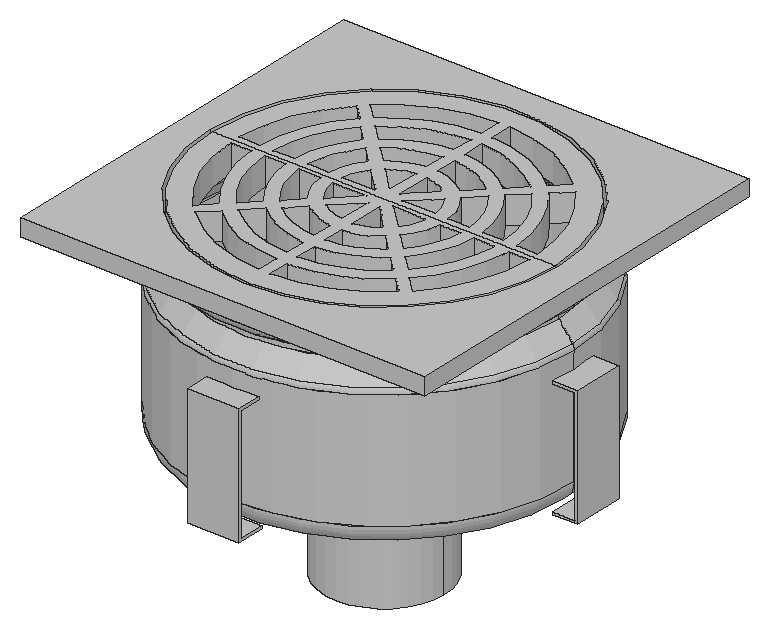
Revit family "Drain_Floor_12_Inch_Square-Zurn-Z1805-12S", category Plumbing Fixtures, Revit 2022
Family settings
  Round Connector Dimension = Use Radius
  Part Type = Normal
  OmniClass Number = 23.45.55.21
  OmniClass Title = Drains (Wastes)
  Work Plane-Based = No
  Always vertical = Yes
  Cut with Voids When Loaded = No
  Maintain Annotation Orientation = No
  Shared = No
  Room Calculation Point = No
Parameters (values of type "Load Family Type Catalog")
  Waste Connection = 1 = 1  # yes
  WFU = 0  # constant formula
  Vent Connection = 1 = 0  # no
  URL = "www.zurn.com"
  Type Comments = "Z1805-12S - 3 Inch No-Hub Outlet (Sch 10)"
  Product data url = "https://bimobject.com/zurnindustries/product/Z1805-12S"
  Product Page URL = "https://www.zurn.com/products/drainage-interceptors/stainless-drains/stainless-floor-drains/fabricated-stainless-floor-drains/z1805-12s"
  Product Documentation Link = "https://files.zurn.com/spec-sheets/z1805-12s.pdf"
  Pipe Size 'A' (Outer Radius) = [Pipe Size 'A' (Outer Diameter)] / 2  # 1.750"
  Pipe Size 'A' (Inner Radius) = [Pipe Size 'A' (Inner Diameter)] / 2  # 1.630"
  Pipe Size 'A' (Inner Diameter) = 3.260"
  Pipe Size 'A' (Nominal Radius) = [Pipe Size 'A' (Nominal Diameter)] / 2  # 1.500"
  Modified Date = "02/18/2026"  # constant formula
  Model = "Z1805-12S"
  Manufacurer Brand = "Zurn"  # constant formula
  Manufacturer = "Zurn Water, LLC"  # constant formula
  Main Material = Steel - Zurn - Stainless - Type - 304
  HWFU = 0  # constant formula
  HW Connection = 1 = 0  # no
  Body Height  ' E ' = 9.750"
  Description = "12” X 12” [305 X 305 ] SQUARE INDUSTRIAL HIGH CAPACITY SANITARY FLOOR DRAIN"  # constant formula
  Default Elevation = 20.000"
  Date Created = "02/18/2026"  # constant formula
  CWFU = 0  # constant formula
  CW Connection = 1 = 0  # no
  Assembly Code = "D2030300"
  Pipe Size 'A' (Outer Diameter) = 3.500"
  Pipe Size 'A' (Nominal Diameter) = 3.000"
Reference planes (in)
  plane 1 "Center (Front/Back)": y = 0
  plane 2: z = 0
  plane 3 "Center (Left/Right)": x = 0
  plane 4 "Outlet": z = -9.75
  plane 5: z = -7.143
  plane 6: x = 1.75
  plane 7: z = -2.5
  plane 8: z = -6
  plane 9: x = -6.25
  plane 10: x = 6.25
  plane 11: x = -5.297
  plane 12: y = 0.75
  plane 13: y = -0.75
  plane 14: z = -2.5
  plane 15: z = -6
  plane 16: y = 6.25
  plane 17: y = -6.25
  plane 18: x = -0.75
  plane 19: x = 0.75
  plane 20: x = -1.75
  plane 21: x = 5.906
  plane 22: x = -5.906
  plane 23: x = 5.375
  plane 24: x = -5.375
  plane 25: x = 0
  plane 26: x = -0.156
  plane 27: through (0, 0, 48) normal (0.7071, -0.7071, 0)
  plane 28: through (0.11031, -0.11031, 48) normal (0.7071, -0.7071, 0)
  plane 29: through (0, 0, 48) normal (0.7071, -0.7071, 0)
  plane 30: through (-0.11031, 0.11031, 48) normal (0.7071, -0.7071, 0)
  plane 31: y = 0
  plane 32: y = -0.156
  plane 33: y = 0
  plane 34: y = 0.156
  plane 35: through (0, 0, 48) normal (-0.7071, -0.7071, 0)
  plane 36: through (-0.11031, -0.11031, 48) normal (-0.7071, -0.7071, 0)
  plane 37: through (0, 0, 48) normal (-0.7071, -0.7071, 0)
  plane 38: through (0.11031, 0.11031, 48) normal (-0.7071, -0.7071, 0)
  plane 39: x = 0
  plane 40: x = -0.156
  plane 41: x = 0
  plane 42: x = 0.156
  plane 43: through (0, 0, 48) normal (-0.7071, 0.7071, 0)
  plane 44: through (-0.11031, 0.11031, 48) normal (-0.7071, 0.7071, 0)
  plane 45: through (0, 0, 48) normal (-0.7071, 0.7071, 0)
  plane 46: through (0.11031, -0.11031, 48) normal (-0.7071, 0.7071, 0)
  plane 47: y = 0
  plane 48: y = 0.156
  plane 49: y = 0
  plane 50: y = -0.156
  plane 51: through (0, 0, 48) normal (0.7071, 0.7071, 0)
  plane 52: through (0.11031, 0.11031, 48) normal (0.7071, 0.7071, 0)
  plane 53: through (0, 0, 48) normal (0.7071, 0.7071, 0)
  plane 54: through (-0.11031, -0.11031, 48) normal (0.7071, 0.7071, 0)
  plane 55: x = 0
  plane 56: x = 0.156
  plane 57: x = 1.75
  plane 58: y = 1.75
  plane 59: y = -1.75
  plane 60: x = -1.75
Forms (in)
  Revolve 1, solid, material "Steel - Zurn - Stainless - Type - 304" <- "Main Material", detail levels fine
    sketch origin (0, 0, 0) x (1, 0, 0) y (0, 0, 1)
      loop
        line (5.5465, 0) -> (5.0935, 0) -> (5.0935, -0.75) -> (5, -0.75) -> (5, 0) -> (0, 0) -> (0, -0.8) -> (4.9685, -0.8) -> (4.9685, -1.30559)
        arc (4.9685, -1.30559) -> (4.98142, -1.38492) -> (5.01884, -1.45604) r 0.25
        line (5.01884, -1.45604) -> (5.39633, -1.95699)
        arc (5.39633, -1.95699) -> (5.41504, -1.99255) -> (5.4215, -2.03221) r 0.125
        line (5.4215, -2.03221) -> (5.4215, -5.46972)
        arc (5.4215, -5.46972) -> (5.30827, -5.78083) -> (5.02155, -5.94637) r 0.484
        line (5.02155, -5.94637) -> (1.93478, -6.49065)
        arc (1.93478, -6.49065) -> (1.71629, -6.61679) -> (1.63, -6.85387) r 0.36883
        line (1.63, -6.85387) -> (1.63, -7.143) -> (1.75, -7.143) -> (1.75, -6.87055)
        arc (1.75, -6.87055) -> (1.81145, -6.70172) -> (1.96705, -6.61188) r 0.26266
        line (1.96705, -6.61188) -> (5.04325, -6.06947)
        arc (5.04325, -6.06947) -> (5.40402, -5.86118) -> (5.5465, -5.46972) r 0.609
        line (5.5465, -5.46972) -> (5.5465, -2.03221)
        arc (5.5465, -2.03221) -> (5.53358, -1.95289) -> (5.49616, -1.88176) r 0.25
        line (5.49616, -1.88176) -> (5.0935, -1.34741) -> (5.0935, -1.21116) -> (5.43528, -0.98307)
        arc (5.43528, -0.98307) -> (5.51695, -0.89304) -> (5.5465, -0.77513) r 0.25
        line (5.5465, -0.77513) -> (5.5465, 0)
      axis (0, 0) -> (0, -7.143)
    angle from 0 to 360
  Extrusion 2, solid, material "Steel - Zurn - Stainless - Type - 304" <- "Main Material", detail levels fine
    sketch origin (0, 0, 0) x (1, 0, 0) y (0, 1, 0)
      loop
        circle (0, 0) r 1.63
      loop
        circle (0, 0) r 1.75
    from -7.143 to -9.75
  Extrusion 3, solid, material "Steel - Zurn - Stainless - Type - 304" <- "Main Material", detail levels fine
    sketch origin (0, 0, 0) x (1, 0, 0) y (0, 0, 1)
      loop
        line (-5.53125, -2.5) -> (-6.25, -2.5) -> (-6.25, -6) -> (-5.297, -6) -> (-5.297, -5.925) -> (-6.175, -5.925) -> (-6.175, -2.575) -> (-5.53125, -2.575) -> (-5.53125, -2.5)
      loop
        line (5.53125, -2.5) -> (5.53125, -2.575) -> (6.175, -2.575) -> (6.175, -5.925) -> (5.53125, -5.925) -> (5.53125, -6) -> (6.25, -6) -> (6.25, -2.5) -> (5.53125, -2.5)
    from -0.75 to 0.75
  Extrusion 4, solid, material "Steel - Zurn - Stainless - Type - 304" <- "Main Material", detail levels fine
    sketch origin (14.622, 0, 0) x (0, -1, 0) y (0, 0, 1)
      loop
        line (-5.53125, -2.5) -> (-6.25, -2.5) -> (-6.25, -6) -> (-5.425, -6) -> (-5.425, -5.925) -> (-6.175, -5.925) -> (-6.175, -2.575) -> (-5.53125, -2.575) -> (-5.53125, -2.5)
      loop
        line (5.53125, -2.5) -> (5.53125, -2.575) -> (6.175, -2.575) -> (6.175, -5.925) -> (5.425, -5.925) -> (5.425, -6) -> (6.25, -6) -> (6.25, -2.5) -> (5.53125, -2.5)
    from 13.872 to 15.372
  Extrusion 5, void
    sketch origin (0, 0, 0) x (1, 0, 0) y (0, 1, 0)
      loop
        arc (-0.85569, -1.0763) -> (-0.52619, -1.27033) -> (-0.156, -1.36612) r 1.375
        line (-0.156, -1.36612) -> (-0.156, -0.37662) -> (-0.85569, -1.0763)
      loop
        line (-1.1222, -1.34282) -> (-1.56544, -1.78606)
        arc (-1.56544, -1.78606) -> (-0.90887, -2.19421) -> (-0.156, -2.36987) r 2.375
        line (-0.156, -2.36987) -> (-0.156, -1.74303)
        arc (-0.156, -1.74303) -> (-0.6697, -1.61679) -> (-1.1222, -1.34282) r 1.75
      loop
        line (-1.8311, -2.05172) -> (-2.27363, -2.49424)
        arc (-2.27363, -2.49424) -> (-1.29156, -3.11809) -> (-0.156, -3.37139) r 3.375
        line (-0.156, -3.37139) -> (-0.156, -2.74557)
        arc (-0.156, -2.74557) -> (-1.05238, -2.54067) -> (-1.8311, -2.05172) r 2.75
      loop
        line (-2.53905, -2.75966) -> (-2.98132, -3.20193)
        arc (-2.98132, -3.20193) -> (-1.67424, -4.04197) -> (-0.156, -4.37222) r 4.375
        line (-0.156, -4.37222) -> (-0.156, -3.74675)
        arc (-0.156, -3.74675) -> (-1.43506, -3.46455) -> (-2.53905, -2.75966) r 3.75
    from 0 to -0.8
  Extrusion 6, void
    sketch origin (0, 0, 0) x (0.707107, -0.707107, 0) y (0.707107, 0.707107, 0)
      loop
        arc (-0.85569, -1.0763) -> (-0.52619, -1.27033) -> (-0.156, -1.36612) r 1.375
        line (-0.156, -1.36612) -> (-0.156, -0.37662) -> (-0.85569, -1.0763)
      loop
        line (-1.1222, -1.34282) -> (-1.56544, -1.78606)
        arc (-1.56544, -1.78606) -> (-0.90887, -2.19421) -> (-0.156, -2.36987) r 2.375
        line (-0.156, -2.36987) -> (-0.156, -1.74303)
        arc (-0.156, -1.74303) -> (-0.6697, -1.61679) -> (-1.1222, -1.34282) r 1.75
      loop
        line (-1.8311, -2.05172) -> (-2.27363, -2.49424)
        arc (-2.27363, -2.49424) -> (-1.29156, -3.11809) -> (-0.156, -3.37139) r 3.375
        line (-0.156, -3.37139) -> (-0.156, -2.74557)
        arc (-0.156, -2.74557) -> (-1.05238, -2.54067) -> (-1.8311, -2.05172) r 2.75
      loop
        line (-2.53905, -2.75966) -> (-2.98132, -3.20193)
        arc (-2.98132, -3.20193) -> (-1.67424, -4.04197) -> (-0.156, -4.37222) r 4.375
        line (-0.156, -4.37222) -> (-0.156, -3.74675)
        arc (-0.156, -3.74675) -> (-1.43506, -3.46455) -> (-2.53905, -2.75966) r 3.75
    from 0 to -0.8
  Extrusion 7, void
    sketch origin (0, 0, 0) x (0, -1, 0) y (1, 0, 0)
      loop
        arc (-0.85569, -1.0763) -> (-0.52619, -1.27033) -> (-0.156, -1.36612) r 1.375
        line (-0.156, -1.36612) -> (-0.156, -0.37662) -> (-0.85569, -1.0763)
      loop
        line (-1.1222, -1.34282) -> (-1.56544, -1.78606)
        arc (-1.56544, -1.78606) -> (-0.90887, -2.19421) -> (-0.156, -2.36987) r 2.375
        line (-0.156, -2.36987) -> (-0.156, -1.74303)
        arc (-0.156, -1.74303) -> (-0.6697, -1.61679) -> (-1.1222, -1.34282) r 1.75
      loop
        line (-1.8311, -2.05172) -> (-2.27363, -2.49424)
        arc (-2.27363, -2.49424) -> (-1.29156, -3.11809) -> (-0.156, -3.37139) r 3.375
        line (-0.156, -3.37139) -> (-0.156, -2.74557)
        arc (-0.156, -2.74557) -> (-1.05238, -2.54067) -> (-1.8311, -2.05172) r 2.75
      loop
        line (-2.53905, -2.75966) -> (-2.98132, -3.20193)
        arc (-2.98132, -3.20193) -> (-1.67424, -4.04197) -> (-0.156, -4.37222) r 4.375
        line (-0.156, -4.37222) -> (-0.156, -3.74675)
        arc (-0.156, -3.74675) -> (-1.43506, -3.46455) -> (-2.53905, -2.75966) r 3.75
    from 0 to -0.8
  Extrusion 8, void
    sketch origin (0, 0, 0) x (-0.707107, -0.707107, 0) y (0.707107, -0.707107, 0)
      loop
        arc (-0.85569, -1.0763) -> (-0.52619, -1.27033) -> (-0.156, -1.36612) r 1.375
        line (-0.156, -1.36612) -> (-0.156, -0.37662) -> (-0.85569, -1.0763)
      loop
        line (-1.1222, -1.34282) -> (-1.56544, -1.78606)
        arc (-1.56544, -1.78606) -> (-0.90887, -2.19421) -> (-0.156, -2.36987) r 2.375
        line (-0.156, -2.36987) -> (-0.156, -1.74303)
        arc (-0.156, -1.74303) -> (-0.6697, -1.61679) -> (-1.1222, -1.34282) r 1.75
      loop
        line (-1.8311, -2.05172) -> (-2.27363, -2.49424)
        arc (-2.27363, -2.49424) -> (-1.29156, -3.11809) -> (-0.156, -3.37139) r 3.375
        line (-0.156, -3.37139) -> (-0.156, -2.74557)
        arc (-0.156, -2.74557) -> (-1.05238, -2.54067) -> (-1.8311, -2.05172) r 2.75
      loop
        line (-2.53905, -2.75966) -> (-2.98132, -3.20193)
        arc (-2.98132, -3.20193) -> (-1.67424, -4.04197) -> (-0.156, -4.37222) r 4.375
        line (-0.156, -4.37222) -> (-0.156, -3.74675)
        arc (-0.156, -3.74675) -> (-1.43506, -3.46455) -> (-2.53905, -2.75966) r 3.75
    from 0 to -0.8
  Extrusion 9, void
    sketch origin (0, 0, 0) x (-1, 0, 0) y (0, -1, 0)
      loop
        arc (-0.85569, -1.0763) -> (-0.52619, -1.27033) -> (-0.156, -1.36612) r 1.375
        line (-0.156, -1.36612) -> (-0.156, -0.37662) -> (-0.85569, -1.0763)
      loop
        line (-1.1222, -1.34282) -> (-1.56544, -1.78606)
        arc (-1.56544, -1.78606) -> (-0.90887, -2.19421) -> (-0.156, -2.36987) r 2.375
        line (-0.156, -2.36987) -> (-0.156, -1.74303)
        arc (-0.156, -1.74303) -> (-0.6697, -1.61679) -> (-1.1222, -1.34282) r 1.75
      loop
        line (-1.8311, -2.05172) -> (-2.27363, -2.49424)
        arc (-2.27363, -2.49424) -> (-1.29156, -3.11809) -> (-0.156, -3.37139) r 3.375
        line (-0.156, -3.37139) -> (-0.156, -2.74557)
        arc (-0.156, -2.74557) -> (-1.05238, -2.54067) -> (-1.8311, -2.05172) r 2.75
      loop
        line (-2.53905, -2.75966) -> (-2.98132, -3.20193)
        arc (-2.98132, -3.20193) -> (-1.67424, -4.04197) -> (-0.156, -4.37222) r 4.375
        line (-0.156, -4.37222) -> (-0.156, -3.74675)
        arc (-0.156, -3.74675) -> (-1.43506, -3.46455) -> (-2.53905, -2.75966) r 3.75
    from 0 to -0.8
  Extrusion 10, void
    sketch origin (0, 0, 0) x (-0.707107, 0.707107, 0) y (-0.707107, -0.707107, 0)
      loop
        arc (-0.85569, -1.0763) -> (-0.52619, -1.27033) -> (-0.156, -1.36612) r 1.375
        line (-0.156, -1.36612) -> (-0.156, -0.37662) -> (-0.85569, -1.0763)
      loop
        line (-1.1222, -1.34282) -> (-1.56544, -1.78606)
        arc (-1.56544, -1.78606) -> (-0.90887, -2.19421) -> (-0.156, -2.36987) r 2.375
        line (-0.156, -2.36987) -> (-0.156, -1.74303)
        arc (-0.156, -1.74303) -> (-0.6697, -1.61679) -> (-1.1222, -1.34282) r 1.75
      loop
        line (-1.8311, -2.05172) -> (-2.27363, -2.49424)
        arc (-2.27363, -2.49424) -> (-1.29156, -3.11809) -> (-0.156, -3.37139) r 3.375
        line (-0.156, -3.37139) -> (-0.156, -2.74557)
        arc (-0.156, -2.74557) -> (-1.05238, -2.54067) -> (-1.8311, -2.05172) r 2.75
      loop
        line (-2.53905, -2.75966) -> (-2.98132, -3.20193)
        arc (-2.98132, -3.20193) -> (-1.67424, -4.04197) -> (-0.156, -4.37222) r 4.375
        line (-0.156, -4.37222) -> (-0.156, -3.74675)
        arc (-0.156, -3.74675) -> (-1.43506, -3.46455) -> (-2.53905, -2.75966) r 3.75
    from 0 to -0.8
  Extrusion 11, void
    sketch origin (0, 0, 0) x (0, 1, 0) y (-1, 0, 0)
      loop
        arc (-0.85569, -1.0763) -> (-0.52619, -1.27033) -> (-0.156, -1.36612) r 1.375
        line (-0.156, -1.36612) -> (-0.156, -0.37662) -> (-0.85569, -1.0763)
      loop
        line (-1.1222, -1.34282) -> (-1.56544, -1.78606)
        arc (-1.56544, -1.78606) -> (-0.90887, -2.19421) -> (-0.156, -2.36987) r 2.375
        line (-0.156, -2.36987) -> (-0.156, -1.74303)
        arc (-0.156, -1.74303) -> (-0.6697, -1.61679) -> (-1.1222, -1.34282) r 1.75
      loop
        line (-1.8311, -2.05172) -> (-2.27363, -2.49424)
        arc (-2.27363, -2.49424) -> (-1.29156, -3.11809) -> (-0.156, -3.37139) r 3.375
        line (-0.156, -3.37139) -> (-0.156, -2.74557)
        arc (-0.156, -2.74557) -> (-1.05238, -2.54067) -> (-1.8311, -2.05172) r 2.75
      loop
        line (-2.53905, -2.75966) -> (-2.98132, -3.20193)
        arc (-2.98132, -3.20193) -> (-1.67424, -4.04197) -> (-0.156, -4.37222) r 4.375
        line (-0.156, -4.37222) -> (-0.156, -3.74675)
        arc (-0.156, -3.74675) -> (-1.43506, -3.46455) -> (-2.53905, -2.75966) r 3.75
    from 0 to -0.8
  Extrusion 12, void
    sketch origin (0, 0, 0) x (0.707107, 0.707107, 0) y (-0.707107, 0.707107, 0)
      loop
        arc (-0.85569, -1.0763) -> (-0.52619, -1.27033) -> (-0.156, -1.36612) r 1.375
        line (-0.156, -1.36612) -> (-0.156, -0.37662) -> (-0.85569, -1.0763)
      loop
        line (-1.1222, -1.34282) -> (-1.56544, -1.78606)
        arc (-1.56544, -1.78606) -> (-0.90887, -2.19421) -> (-0.156, -2.36987) r 2.375
        line (-0.156, -2.36987) -> (-0.156, -1.74303)
        arc (-0.156, -1.74303) -> (-0.6697, -1.61679) -> (-1.1222, -1.34282) r 1.75
      loop
        line (-1.8311, -2.05172) -> (-2.27363, -2.49424)
        arc (-2.27363, -2.49424) -> (-1.29156, -3.11809) -> (-0.156, -3.37139) r 3.375
        line (-0.156, -3.37139) -> (-0.156, -2.74557)
        arc (-0.156, -2.74557) -> (-1.05238, -2.54067) -> (-1.8311, -2.05172) r 2.75
      loop
        line (-2.53905, -2.75966) -> (-2.98132, -3.20193)
        arc (-2.98132, -3.20193) -> (-1.67424, -4.04197) -> (-0.156, -4.37222) r 4.375
        line (-0.156, -4.37222) -> (-0.156, -3.74675)
        arc (-0.156, -3.74675) -> (-1.43506, -3.46455) -> (-2.53905, -2.75966) r 3.75
    from 0 to -0.8
  Extrusion 13, solid, material "Steel - Zurn - Stainless - Type - 304" <- "Main Material", detail levels fine
    sketch origin (0, 0, 0) x (1, 0, 0) y (0, 1, 0)
      loop
        line (-5.90625, 5.90625) -> (-5.90625, -5.90625) -> (5.90625, -5.90625) -> (5.90625, 5.90625) -> (-5.90625, 5.90625)
      loop
        circle (0, 0) r 5.5
    from 0 to -0.48847
Cuts and joins
  Extrusion 5, Extrusion 6, Extrusion 7, Extrusion 8, Extrusion 9, Extrusion 10, Extrusion 11, Extrusion 12 cuts Revolve 1
  joined: Revolve 1, Extrusion 13
Lines and regions (in)
  Masking region 1, detail levels fine
    outline origin (0, 0, 0) x (1, 0, 0) y (0, 1, 0)
      loop
        line (-0.75, 5.90625) -> (-5.90625, 5.90625) -> (-5.90625, 0.75) -> (-6.25, 0.75) -> (-6.25, -0.75) -> (-5.90625, -0.75) -> (-5.90625, -5.90625) -> (-0.75, -5.90625) -> (-0.75, -6.25) -> (0.75, -6.25) -> (0.75, -5.90625) -> (5.906, -5.90625) -> (5.906, -0.75) -> (6.25, -0.75) -> (6.25, 0.75) -> (5.906, 0.75) -> (5.906, 5.90625) -> (0.75, 5.90625) -> (0.75, 6.25) -> (-0.75, 6.25) -> (-0.75, 5.90625)
  model lines, detail levels coarse+medium
    curve 1: arc (5, 0, 0) -> (0, 5, 0) -> (-5, 0, 0) r 5
    curve 2: arc (-5, 0, 0) -> (0, -5, 0) -> (5, 0, 0) r 5
    curve 3: arc (5.0935, 0, 0) -> (0, 5.0935, 0) -> (-5.0935, 0, 0) r 5.0935
    curve 4: arc (-5.0935, 0, 0) -> (0, -5.0935, 0) -> (5.0935, 0, 0) r 5.0935
    curve 5: line (-1.75, 0, -9.75) -> (1.75, 0, -9.75)
    curve 6: line (0, 1.75, -9.75) -> (0, -1.75, -9.75)
    curve 7: line (0, 0, 0) -> (0, 0, -9.75)
    curve 8: line (0, 5, 0) -> (0, -5, 0)
    curve 9: line (-1.075, 4.88307, 0) -> (-1.075, -4.88307, 0)
    curve 10: line (-2.15, 4.51414, 0) -> (-2.15, -4.51414, 0)
    curve 11: line (-3.225, 3.82091, 0) -> (-3.225, -3.82091, 0)
    curve 12: line (-4.3, 2.55147, 0) -> (-4.3, -2.55147, 0)
    curve 13: line (1.075, 4.88307, 0) -> (1.075, -4.88307, 0)
    curve 14: line (2.15, 4.51414, 0) -> (2.15, -4.51414, 0)
    curve 15: line (3.225, 3.82091, 0) -> (3.225, -3.82091, 0)
    curve 16: line (4.3, 2.55147, 0) -> (4.3, -2.55147, 0)
    curve 17: line (-5, 0, 0) -> (5, 0, 0)
    curve 18: line (-4.89898, 1, 0) -> (4.89898, 1, 0)
    curve 19: line (-4.58258, 2, 0) -> (4.58258, 2, 0)
    curve 20: line (-4, 3, 0) -> (4, 3, 0)
    curve 21: line (-3, 4, 0) -> (3, 4, 0)
    curve 22: line (-4.89898, -1, 0) -> (4.89898, -1, 0)
    curve 23: line (-4.58258, -2, 0) -> (4.58258, -2, 0)
    curve 24: line (-4, -3, 0) -> (4, -3, 0)
    curve 25: line (-3, -4, 0) -> (3, -4, 0)
    curve 26: line (5.90625, -5.90625, 0) -> (5.90625, 5.90625, 0)
    curve 27: line (5.90625, 5.90625, 0) -> (-5.90625, 5.90625, 0)
    curve 28: line (-5.90625, 5.90625, 0) -> (-5.90625, -5.90625, 0)
    curve 29: line (-5.90625, -5.90625, 0) -> (5.90625, -5.90625, 0)
Dimensions and locks (in)
  "Body Height  ' E '": level to plane 4 "Outlet"
  locked: level to plane 5 at 7.143
  locked: level to plane 7 at 2.5
  level to plane 8 = 6.000"
  locked: plane 7 to Extrusion 3 sketch curve at 0.075  (x2)
  locked: Extrusion 3 sketch curve to plane 9 at 0.075
  locked: Extrusion 3 sketch curve to plane 8 at 0.075  (x2)
  locked: Extrusion 3 sketch curve to Extrusion 3 sketch curve at 0.075
  equal spacing: plane 12, plane 1 "Center (Front/Back)", plane 13
  locked: plane 12 to plane 13 at 1.5
  locked: plane 14 to Extrusion 4 sketch curve at 0.075  (x2)
  locked: Extrusion 4 sketch curve to plane 16 at 0.075
  locked: Extrusion 4 sketch curve to plane 15 at 0.075  (x2)
  locked: Extrusion 4 sketch curve to Extrusion 4 sketch curve at 0.075
  equal spacing: plane 18, plane 3 "Center (Left/Right)", plane 19
  locked: plane 18 to plane 19 at 1.5
  equal spacing: plane 6, plane 3 "Center (Left/Right)", plane 20
  "Pipe Size 'A' (Outer Diameter)": plane 6 to plane 20
  locked: level to plane 14 at 2.5
  locked: level to plane 15 at 6
  plane 16 to plane 1 "Center (Front/Back)" to plane 17 = 6.250", 6.250"
  locked: plane 16 to Extrusion 4 sketch curve at 0.71875
  locked: Extrusion 4 sketch curve to plane 17 at 0.71875
  equal spacing: plane 10, plane 3 "Center (Left/Right)", plane 9
  locked: plane 10 to plane 9 at 12.5
  locked: plane 10 to Extrusion 3 sketch curve at 0.71875
  locked: Extrusion 3 sketch curve to plane 9 at 0.71875
  plane 21 to plane 3 "Center (Left/Right)" to plane 22 = 5.906", 5.906"
  equal spacing: plane 23, plane 3 "Center (Left/Right)", plane 24, locked at 5.375 each
  locked: plane 23 to plane 24 at 10.75
  locked: Revolve 1 sketch curve to plane 5 at 1.67328
  locked: level to Revolve 1 sketch curve at 0.75
  locked: level to Revolve 1 sketch curve at 0.8
  locked: Revolve 1 sketch curve to Revolve 1 sketch curve at 0.125  (x3)
  "Pipe Size 'A' (Inner Radius)": Revolve 1 sketch curve to plane 3 "Center (Left/Right)"
  locked: plane 28 to plane 27 at 0.156
  locked: plane 26 to plane 25 at 0.156
  locked: plane 32 to plane 31 at 0.156
  locked: plane 30 to plane 29 at 0.156
  locked: plane 36 to plane 35 at 0.156
  locked: plane 34 to plane 33 at 0.156
  locked: plane 40 to plane 39 at 0.156
  locked: plane 38 to plane 37 at 0.156
  locked: plane 44 to plane 43 at 0.156
  locked: plane 42 to plane 41 at 0.156
  locked: plane 48 to plane 47 at 0.156
  locked: plane 46 to plane 45 at 0.156
  locked: plane 52 to plane 51 at 0.156
  locked: plane 50 to plane 49 at 0.156
  locked: plane 56 to plane 55 at 0.156
  locked: plane 54 to plane 53 at 0.156
  equal spacing: plane 60, plane 3 "Center (Left/Right)", plane 57
  "Pipe Size 'A' (Outer Diameter)": plane 60 to plane 57
  equal spacing: plane 59, plane 1 "Center (Front/Back)", plane 58
  "Pipe Size 'A' (Outer Diameter)": plane 58 to plane 59
  equal spacing: curve 12, curve 11, curve 10, curve 9, plane 3 "Center (Left/Right)", curve 13, curve 14, curve 15, curve 16
  curve 12 to curve 16 = 8.600"
  equal spacing: curve 25, curve 24, curve 23, curve 22, plane 1 "Center (Front/Back)", curve 18, curve 19, curve 20, curve 21, locked at 1 each
  locked: curve 25 to curve 21 at 8
  equal spacing: Extrusion 13 sketch curve, plane 3 "Center (Left/Right)", Extrusion 13 sketch curve
  equal spacing: Extrusion 13 sketch curve, plane 1 "Center (Front/Back)", Extrusion 13 sketch curve
  locked: Extrusion 13 sketch curve to Extrusion 13 sketch curve at 11.8125  (x2)
  locked: Revolve 1 sketch curve to plane 3 "Center (Left/Right)" at 5.5465
  locked: Revolve 1 sketch curve to plane 3 "Center (Left/Right)" at 5
  level to Revolve 1 sketch curve = 1.21116"
  locked: Revolve 1 sketch curve to Revolve 1 sketch curve at 5.0935
  "Pipe Size 'A' (Outer Diameter)": diameter of Extrusion 2 sketch curve
  "Pipe Size 'A' (Inner Diameter)": diameter of Extrusion 2 sketch curve
  radius of Revolve 1 sketch curve = 0.609"
  locked: Revolve 1 sketch curve to Revolve 1 sketch curve (angle 143.00°)
  locked: Revolve 1 sketch curve to Revolve 1 sketch curve (angle 100.00°)
  locked: plane 27 to plane 25 (angle 45.00°)
  locked: plane 31 to plane 29 (angle 45.00°)
  locked: plane 35 to plane 33 (angle 45.00°)
  locked: plane 39 to plane 37 (angle 45.00°)
  locked: plane 43 to plane 41 (angle 45.00°)
  locked: plane 47 to plane 45 (angle 45.00°)
  locked: plane 51 to plane 49 (angle 45.00°)
  locked: plane 55 to plane 53 (angle 45.00°)
  aligned and locked: plane 2 to level
  aligned and locked: plane 3 "Center (Left/Right)" to Revolve 1 sketch curve
  aligned and locked: plane 5 to Revolve 1 sketch curve
  aligned and locked: Revolve 1 sketch curve to plane 6
  aligned and locked: Revolve 1 sketch curve to plane 3 "Center (Left/Right)"
  aligned and locked: Extrusion 2 to plane 4 "Outlet"
  aligned and locked: Extrusion 2 to Revolve 1
  aligned and locked: plane 7 to Extrusion 3 sketch curve
  aligned and locked: Extrusion 3 sketch curve to plane 9
  aligned and locked: Extrusion 3 sketch curve to plane 8
  aligned and locked: plane 11 to Extrusion 3 sketch curve
  aligned and locked: Extrusion 3 sketch curve to plane 11
  aligned and locked: plane 8 to Extrusion 3 sketch curve
  aligned and locked: plane 12 to Extrusion 3
  aligned and locked: Extrusion 3 to plane 13
  aligned and locked: Extrusion 4 sketch curve to plane 16
  aligned and locked: Extrusion 4 sketch curve to plane 15
  aligned and locked: plane 15 to Extrusion 4 sketch curve
  aligned and locked: Extrusion 4 to plane 18
  aligned and locked: plane 19 to Extrusion 4
  aligned and locked: Extrusion 3 sketch curve to plane 7
  aligned and locked: Extrusion 4 sketch curve to plane 14
  aligned and locked: plane 3 "Center (Left/Right)" to Extrusion 2 sketch curve  (x2)
  aligned and locked: plane 1 "Center (Front/Back)" to Extrusion 2 sketch curve  (x2)
  aligned and locked: level to Revolve 1 sketch curve
  aligned and locked: Revolve 1 sketch curve to level
  aligned and locked: plane 3 "Center (Left/Right)" to plane 25
  aligned and locked: plane 25 to Extrusion 5 sketch curve
  aligned and locked: Extrusion 5 sketch curve to Extrusion 5 sketch curve
  aligned and locked: plane 28 to Extrusion 5 sketch curve  (x7)
  aligned and locked: Extrusion 5 sketch curve to plane 26  (x2)
  aligned and locked: plane 26 to Extrusion 5 sketch curve  (x6)
  aligned and locked: Extrusion 5 to level
  aligned and locked: Extrusion 5 to Revolve 1
  aligned and locked: plane 29 to Extrusion 6 sketch curve
  aligned and locked: Extrusion 6 sketch curve to Extrusion 6 sketch curve
  aligned and locked: plane 32 to Extrusion 6 sketch curve  (x7)
  aligned and locked: Extrusion 6 sketch curve to plane 30  (x2)
  aligned and locked: plane 30 to Extrusion 6 sketch curve  (x6)
  aligned and locked: plane 33 to Extrusion 7 sketch curve
  aligned and locked: Extrusion 7 sketch curve to Extrusion 7 sketch curve
  aligned and locked: plane 36 to Extrusion 7 sketch curve  (x7)
  aligned and locked: Extrusion 7 sketch curve to plane 34  (x2)
  aligned and locked: plane 34 to Extrusion 7 sketch curve  (x6)
  aligned and locked: plane 37 to Extrusion 8 sketch curve
  aligned and locked: Extrusion 8 sketch curve to Extrusion 8 sketch curve
  aligned and locked: plane 40 to Extrusion 8 sketch curve  (x7)
  aligned and locked: Extrusion 8 sketch curve to plane 38  (x2)
  aligned and locked: plane 38 to Extrusion 8 sketch curve  (x6)
  aligned and locked: plane 41 to Extrusion 9 sketch curve
  aligned and locked: Extrusion 9 sketch curve to Extrusion 9 sketch curve
  aligned and locked: plane 44 to Extrusion 9 sketch curve  (x7)
  aligned and locked: Extrusion 9 sketch curve to plane 42  (x2)
  aligned and locked: plane 42 to Extrusion 9 sketch curve  (x6)
  aligned and locked: plane 45 to Extrusion 10 sketch curve
  aligned and locked: Extrusion 10 sketch curve to Extrusion 10 sketch curve
  aligned and locked: plane 48 to Extrusion 10 sketch curve  (x7)
  aligned and locked: Extrusion 10 sketch curve to plane 46  (x2)
  aligned and locked: plane 46 to Extrusion 10 sketch curve  (x6)
  aligned and locked: plane 49 to Extrusion 11 sketch curve
  aligned and locked: Extrusion 11 sketch curve to Extrusion 11 sketch curve
  aligned and locked: plane 52 to Extrusion 11 sketch curve  (x7)
  aligned and locked: Extrusion 11 sketch curve to plane 50  (x2)
  aligned and locked: plane 50 to Extrusion 11 sketch curve  (x6)
  aligned and locked: plane 53 to Extrusion 12 sketch curve
  aligned and locked: Extrusion 12 sketch curve to Extrusion 12 sketch curve
  aligned and locked: plane 56 to Extrusion 12 sketch curve  (x7)
  aligned and locked: Extrusion 12 sketch curve to plane 54  (x2)
  aligned and locked: plane 54 to Extrusion 12 sketch curve  (x6)
  aligned and locked: curve 1 to cut or joined group 1 (Revolve 1, Extrusion 5, Extrusion 6, Extrusion 7, Extrusion 8, Extrusion 9, Extrusion 10, Extrusion 11, Extrusion 12, Extrusion 13)
  aligned and locked: curve 2 to cut or joined group 1
  aligned and locked: curve 3 to cut or joined group 1
  aligned and locked: curve 4 to cut or joined group 1
  aligned and locked: plane 60 to curve 5
  aligned and locked: plane 57 to curve 5
  aligned and locked: plane 1 "Center (Front/Back)" to curve 5
  aligned and locked: plane 58 to curve 6
  aligned and locked: plane 59 to curve 6
  aligned and locked: curve 6 to plane 3 "Center (Left/Right)"
  aligned and locked: level to curve 7
  aligned and locked: plane 4 "Outlet" to curve 7
  aligned and locked: curve 7 to plane 3 "Center (Left/Right)"
  aligned and locked: curve 8 to plane 3 "Center (Left/Right)"
  aligned and locked: plane 1 "Center (Front/Back)" to curve 17
  aligned and locked: plane 1 "Center (Front/Back)" to Extrusion 13 sketch curve
  aligned and locked: Revolve 1 sketch curve to Revolve 1 sketch curve
  aligned and locked: curve 26 to cut or joined group 1
  aligned and locked: curve 27 to cut or joined group 1
  aligned and locked: curve 28 to cut or joined group 1
  aligned and locked: curve 29 to cut or joined group 1
  aligned and locked: cut or joined group 1 to Masking region 1 sketch curve  (x2)
  aligned and locked: Masking region 1 sketch curve to cut or joined group 1  (x3)
  aligned and locked: Masking region 1 sketch curve to Extrusion 3  (x2)
  aligned and locked: Masking region 1 sketch curve to Extrusion 4  (x2)
  aligned and locked: Masking region 1 sketch curve to plane 19
  aligned and locked: Masking region 1 sketch curve to plane 18
  aligned and locked: Masking region 1 sketch curve to plane 12
  aligned and locked: Masking region 1 sketch curve to plane 13
  aligned and locked: Masking region 1 sketch curve to plane 21  (x2)
  aligned and locked: plane 12 to Masking region 1 sketch curve
  aligned and locked: plane 13 to Masking region 1 sketch curve
  aligned and locked: plane 19 to Masking region 1 sketch curve
  aligned and locked: plane 18 to Masking region 1 sketch curve
  aligned and locked: Extrusion 3 sketch curve to Extrusion 3 sketch curve
  aligned and locked: Extrusion 3 sketch curve to plane 10
Automatic sketch dimensions
  Extrusion 4 sketch curve to plane 17 = 0.000"
  Extrusion 4 sketch curve to Extrusion 4 sketch curve = 0.750"  (x2)
  Extrusion 4 sketch curve to plane 14 = 0.000"
  Extrusion 5 sketch curve to Extrusion 5 sketch curve = 0.000"  (x33)
  plane 27 to Extrusion 5 sketch curve = 0.000"
  Extrusion 5 sketch curve to plane 26 = 0.69969"
  Extrusion 5 sketch curve to Extrusion 5 sketch curve = 0.26652"
  Extrusion 5 sketch curve to Extrusion 5 sketch curve = 0.44324"
  Extrusion 5 sketch curve to Extrusion 5 sketch curve = 0.26566"
  Extrusion 5 sketch curve to Extrusion 5 sketch curve = 0.44252"
  Extrusion 5 sketch curve to Extrusion 5 sketch curve = 0.26542"
  Extrusion 5 sketch curve to Extrusion 5 sketch curve = 0.44227"
  Extrusion 6 sketch curve to Extrusion 6 sketch curve = 0.000"  (x33)
  plane 31 to Extrusion 6 sketch curve = 0.000"
  Extrusion 6 sketch curve to plane 30 = 0.69969"
  Extrusion 6 sketch curve to Extrusion 6 sketch curve = 0.26652"
  Extrusion 6 sketch curve to Extrusion 6 sketch curve = 0.44324"
  Extrusion 6 sketch curve to Extrusion 6 sketch curve = 0.26566"
  Extrusion 6 sketch curve to Extrusion 6 sketch curve = 0.44252"
  Extrusion 6 sketch curve to Extrusion 6 sketch curve = 0.26542"
  Extrusion 6 sketch curve to Extrusion 6 sketch curve = 0.44227"
  Extrusion 7 sketch curve to Extrusion 7 sketch curve = 0.000"  (x33)
  plane 35 to Extrusion 7 sketch curve = 0.000"
  Extrusion 7 sketch curve to plane 34 = 0.69969"
  Extrusion 7 sketch curve to Extrusion 7 sketch curve = 0.26652"
  Extrusion 7 sketch curve to Extrusion 7 sketch curve = 0.44324"
  Extrusion 7 sketch curve to Extrusion 7 sketch curve = 0.26566"
  Extrusion 7 sketch curve to Extrusion 7 sketch curve = 0.44252"
  Extrusion 7 sketch curve to Extrusion 7 sketch curve = 0.26542"
  Extrusion 7 sketch curve to Extrusion 7 sketch curve = 0.44227"
  Extrusion 8 sketch curve to Extrusion 8 sketch curve = 0.000"  (x33)
  plane 39 to Extrusion 8 sketch curve = 0.000"
  Extrusion 8 sketch curve to plane 38 = 0.69969"
  Extrusion 8 sketch curve to Extrusion 8 sketch curve = 0.26652"
  Extrusion 8 sketch curve to Extrusion 8 sketch curve = 0.44324"
  Extrusion 8 sketch curve to Extrusion 8 sketch curve = 0.26566"
  Extrusion 8 sketch curve to Extrusion 8 sketch curve = 0.44252"
  Extrusion 8 sketch curve to Extrusion 8 sketch curve = 0.26542"
  Extrusion 8 sketch curve to Extrusion 8 sketch curve = 0.44227"
  Extrusion 9 sketch curve to Extrusion 9 sketch curve = 0.000"  (x33)
  plane 43 to Extrusion 9 sketch curve = 0.000"
  Extrusion 9 sketch curve to plane 42 = 0.69969"
  Extrusion 9 sketch curve to Extrusion 9 sketch curve = 0.26652"
  Extrusion 9 sketch curve to Extrusion 9 sketch curve = 0.44324"
  Extrusion 9 sketch curve to Extrusion 9 sketch curve = 0.26566"
  Extrusion 9 sketch curve to Extrusion 9 sketch curve = 0.44252"
  Extrusion 9 sketch curve to Extrusion 9 sketch curve = 0.26542"
  Extrusion 9 sketch curve to Extrusion 9 sketch curve = 0.44227"
  Extrusion 10 sketch curve to Extrusion 10 sketch curve = 0.000"  (x33)
  plane 47 to Extrusion 10 sketch curve = 0.000"
  Extrusion 10 sketch curve to plane 46 = 0.69969"
  Extrusion 10 sketch curve to Extrusion 10 sketch curve = 0.26652"
  Extrusion 10 sketch curve to Extrusion 10 sketch curve = 0.44324"
  Extrusion 10 sketch curve to Extrusion 10 sketch curve = 0.26566"
  Extrusion 10 sketch curve to Extrusion 10 sketch curve = 0.44252"
  Extrusion 10 sketch curve to Extrusion 10 sketch curve = 0.26542"
  Extrusion 10 sketch curve to Extrusion 10 sketch curve = 0.44227"
  Extrusion 11 sketch curve to Extrusion 11 sketch curve = 0.000"  (x33)
  plane 51 to Extrusion 11 sketch curve = 0.000"
  Extrusion 11 sketch curve to plane 50 = 0.69969"
  Extrusion 11 sketch curve to Extrusion 11 sketch curve = 0.26652"
  Extrusion 11 sketch curve to Extrusion 11 sketch curve = 0.44324"
  Extrusion 11 sketch curve to Extrusion 11 sketch curve = 0.26566"
  Extrusion 11 sketch curve to Extrusion 11 sketch curve = 0.44252"
  Extrusion 11 sketch curve to Extrusion 11 sketch curve = 0.26542"
  Extrusion 11 sketch curve to Extrusion 11 sketch curve = 0.44227"
  Extrusion 12 sketch curve to Extrusion 12 sketch curve = 0.000"  (x33)
  plane 55 to Extrusion 12 sketch curve = 0.000"
  Extrusion 12 sketch curve to plane 54 = 0.69969"
  Extrusion 12 sketch curve to Extrusion 12 sketch curve = 0.26652"
  Extrusion 12 sketch curve to Extrusion 12 sketch curve = 0.44324"
  Extrusion 12 sketch curve to Extrusion 12 sketch curve = 0.26566"
  Extrusion 12 sketch curve to Extrusion 12 sketch curve = 0.44252"
  Extrusion 12 sketch curve to Extrusion 12 sketch curve = 0.26542"
  Extrusion 12 sketch curve to Extrusion 12 sketch curve = 0.44227"
  plane 1 "Center (Front/Back)" to curve 3 = 0.000"  (x2)
  Extrusion 13 sketch curve to plane 3 "Center (Left/Right)" = 0.000"
  Revolve 1 sketch curve to Revolve 1 sketch curve = 0.000"  (x3)
  plane 6 to Revolve 1 sketch curve = 0.18478"
  Revolve 1 sketch curve to Revolve 1 sketch curve = 0.03227"
  Revolve 1 sketch curve to Revolve 1 sketch curve = 0.02171"
  Revolve 1 sketch curve to plane 23 = 0.0785"  (x2)
  plane 23 to Revolve 1 sketch curve = 0.02133"
  plane 23 to Revolve 1 sketch curve = 0.06028"
  Revolve 1 sketch curve to Revolve 1 sketch curve = 0.82105"
  Revolve 1 sketch curve to Revolve 1 sketch curve = 0.04182"
  plane 4 "Outlet" to Revolve 1 sketch curve = 0.500"
  Revolve 1 sketch curve to Revolve 1 sketch curve = 1.250"
  plane 21 to curve 27 = 0.00025"
  curve 15 to curve 27 = 2.08534"
  curve 27 to plane 22 = 0.00025"
  curve 28 to curve 11 = 2.08534"
  Masking region 1 sketch curve to plane 22 = 0.00025"
  radius of Extrusion 13 sketch curve = 5.500"
Connectors (in)
  piping at (0, 0, -9.75), diameter 3, driven by "Pipe Size 'A' (Nominal Radius)", driven by "Waste Connection"
    settings: on Extrusion 2, index 1, connector inside diameter 24", connector length 0.000", flow factor 0, pipe flow 0 GPM, pressure drop 0.00 psi, fitting loss kfactor 0, connector angle 0.00°, fixture units 0, engagement length 0.000", angle of deflection 0.00°, flow configuration 0, flow direction 2, fitting loss method 0, system type 16, joint type 0, gender type 0, connector reference index -1, connector utility 1, adjustable connector no, is connector primary yes, connector description "Waste Water Outlet"
Types in the file's own list only (18): name | Type Comments | Pipe Size 'A' (Outer Radius) | Pipe Size 'A' (Inner Radius) | Pipe Size 'A' (Inner Diameter) | Pipe Size 'A' (Nominal Radius) | Model | Main Material | Body Height  ' E ' | Default Elevation | Pipe Size 'A' (Outer Diameter) | Pipe Size 'A' (Nominal Diameter)
  Z1805-12S-3NH | "Z1805-12S - 3 Inch No-Hub Outlet (Sch 10)" | 1.750 " | 1.630 " | 3.260 " | 1.500 " | "Z1805-12S" | Steel - Zurn - Stainless - Type - 304 | 9.750 " | 20.000 " | 3.500 " | 3.000 "
  Z1805-12S-4NH | "Z1805-12S - 4 Inch No-Hub Outlet (Sch 10)" | 2.250 " | 2.130 " | 4.260 " | 2.000 " | "Z1805-12S" | Steel - Zurn - Stainless - Type - 304 | 9.656 " | 20.000 " | 4.500 " | 4.000 "
  Z1805-12S-6NH | "Z1805-12S - 6 Inch No-Hub Outlet (Sch 10)" | 3.313 " | 3.179 " | 6.357 " | 3.000 " | "Z1805-12S" | Steel - Zurn - Stainless - Type - 304 | 9.438 " | 20.000 " | 6.625 " | 6.000 "
  Z1805-12S-3BW | "Z1805-12S - 3 Inch Butt-Weld Outlet (Sch 10)" | 1.750 " | 1.630 " | 3.260 " | 1.500 " | "Z1805-12S" | Steel - Zurn - Stainless - Type - 304 | 9.750 " | 20.000 " | 3.500 " | 3.000 "
  Z1805-12S-4BW | "Z1805-12S - 4 Inch Butt-Weld Outlet (Sch 10)" | 2.250 " | 2.130 " | 4.260 " | 2.000 " | "Z1805-12S" | Steel - Zurn - Stainless - Type - 304 | 9.656 " | 20.000 " | 4.500 " | 4.000 "
  Z1805-12S-6BW | "Z1805-12S - 6 Inch Butt-Weld Outlet (Sch 10)" | 3.313 " | 3.179 " | 6.357 " | 3.000 " | "Z1805-12S" | Steel - Zurn - Stainless - Type - 304 | 9.438 " | 20.000 " | 6.625 " | 6.000 "
  Z1805-12S-3IP | "Z1805-12S - 3 Inch IP Threaded Outlet" | 1.750 " | 1.630 " | 3.260 " | 1.500 " | "Z1805-12S" | Steel - Zurn - Stainless - Type - 304 | 9.063 " | 20.000 " | 3.500 " | 3.000 "
  Z1805-12S-4IP | "Z1805-12S - 4 Inch IP Threaded Outlet" | 2.250 " | 2.130 " | 4.260 " | 2.000 " | "Z1805-12S" | Steel - Zurn - Stainless - Type - 304 | 9.000 " | 20.000 " | 4.500 " | 4.000 "
  Z1805-12S-6IP | "Z1805-12S - 6 Inch IP Threaded Outlet" | 3.313 " | 3.179 " | 6.357 " | 3.000 " | "Z1805-12S" | Steel - Zurn - Stainless - Type - 304 | 8.750 " | 20.000 " | 6.625 " | 6.000 "
  ZM1805-12S-3NH | "ZM1805-12S- 3 Inch No-Hub Outlet (Sch 10)" | 1.750 " | 1.630 " | 3.260 " | 1.500 " | "ZM1805-12S" | Steel - Zurn - Stainless - Type - 316 | 9.750 " | 20.000 " | 3.500 " | 3.000 "
  ZM1805-12S-4NH | "ZM1805-12S - 4 Inch No-Hub Outlet (Sch 10)" | 2.250 " | 2.130 " | 4.260 " | 2.000 " | "ZM1805-12S" | Steel - Zurn - Stainless - Type - 316 | 9.656 " | 20.000 " | 4.500 " | 4.000 "
  ZM1805-12S-6NH | "ZM1805-12S - 6 Inch No-Hub Outlet (Sch 10)" | 3.313 " | 3.179 " | 6.357 " | 3.000 " | "ZM1805-12S" | Steel - Zurn - Stainless - Type - 316 | 9.438 " | 20.000 " | 6.625 " | 6.000 "
  ZM1805-12S-3BW | "ZM1805-12S - 3 Inch Butt-Weld Outlet (Sch 10)" | 1.750 " | 1.630 " | 3.260 " | 1.500 " | "ZM1805-12S" | Steel - Zurn - Stainless - Type - 316 | 9.750 " | 20.000 " | 3.500 " | 3.000 "
  ZM1805-12S-4BW | "ZM1805-12S - 4 Inch Butt-Weld Outlet (Sch 10)" | 2.250 " | 2.130 " | 4.260 " | 2.000 " | "ZM1805-12S" | Steel - Zurn - Stainless - Type - 316 | 9.656 " | 20.000 " | 4.500 " | 4.000 "
  ZM1805-12S-6BW | "ZM1805-12S - 6 Inch Butt-Weld Outlet (Sch 10)" | 3.313 " | 3.179 " | 6.357 " | 3.000 " | "ZM1805-12S" | Steel - Zurn - Stainless - Type - 316 | 9.438 " | 20.000 " | 6.625 " | 6.000 "
  ZM1805-12S-3IP | "ZM1805-12S - 3 Inch IP Threaded Outlet" | 1.750 " | 1.630 " | 3.260 " | 1.500 " | "ZM1805-12S" | Steel - Zurn - Stainless - Type - 316 | 9.063 " | 20.000 " | 3.500 " | 3.000 "
  ZM1805-12S-4IP | "ZM1805-12S - 4 Inch IP Threaded Outlet" | 2.250 " | 2.130 " | 4.260 " | 2.000 " | "ZM1805-12S" | Steel - Zurn - Stainless - Type - 316 | 9.000 " | 20.000 " | 4.500 " | 4.000 "
  ZM1805-12S-6IP | "ZM1805-12S - 6 Inch IP Threaded Outlet" | 3.313 " | 3.179 " | 6.357 " | 3.000 " | "ZM1805-12S" | Steel - Zurn - Stainless - Type - 316 | 8.750 " | 20.000 " | 6.625 " | 6.000 "
